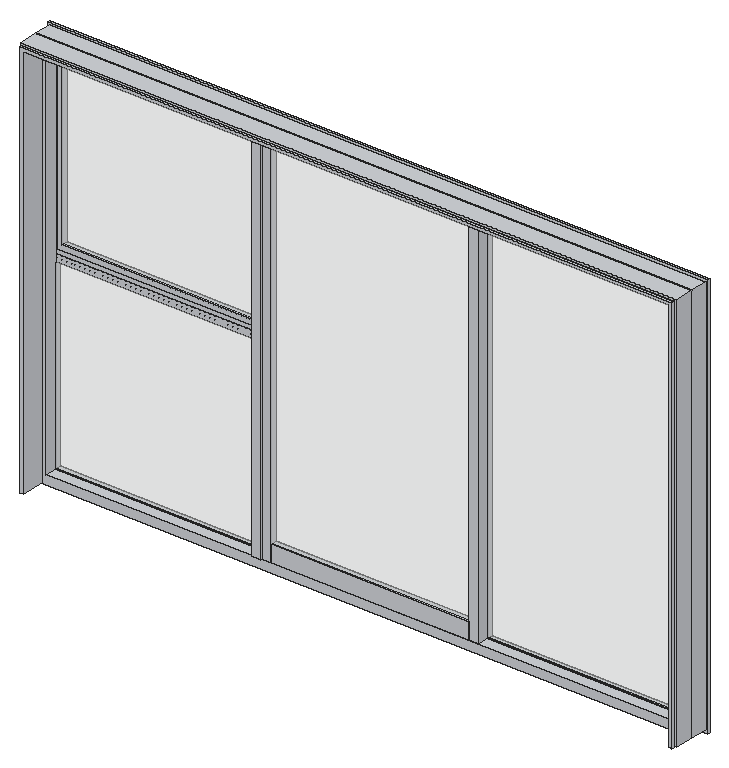
Revit family "APL Residential Thermal Heart Sliding Door FSF with Sidelight", category Doors, host Wall, Revit 2017 (continued)
Definition of nested family "APL Residential Thermal Heart Sliding Door FSF Vertical Section"
  Definition of nested family "Two Panel Sill"
    Definition of nested family "65470_Door Sill Rail"
      Lines and regions (mm)
        detail lines, in view "Ref. Level"
          curve 135: arc (17.002, 74.5, 0) -> (17.16, 74.578, 0) -> (17.196, 74.75, 0) r 0.2
          curve 136: arc (17.002, 78.753, 0) -> (17.028, 78.876, 0) -> (17.102, 78.977, 0) r 0.3
          curve 137: arc (17.102, 78.977, 0) -> (17.182, 79.307, 0) -> (16.902, 79.5, 0) r 0.3
          curve 138: arc (14.681, 78.957, 0) -> (14.592, 78.906, 0) -> (14.54, 78.816, 0) r 0.2
          curve 139: arc (14.495, 78.649, 0) -> (14.354, 78.507, 0) -> (14.161, 78.559, 0) r 0.2
          curve 140: arc (13.797, 78.923, 0) -> (13.737, 79.008, 0) -> (13.71, 79.109, 0) r 0.3
          curve 141: arc (13.503, 81.474, 0) -> (13.619, 81.738, 0) -> (13.905, 81.782, 0) r 0.3
          curve 142: arc (15.315, 81.269, 0) -> (15.441, 81.181, 0) -> (15.507, 81.044, 0) r 0.3
          curve 143: arc (15.507, 81.044, 0) -> (15.78, 80.801, 0) -> (16.085, 81, 0) r 0.3
          curve 144: arc (31.1, 81, 0) -> (31.414, 81.097, 0) -> (31.601, 81.367, 0) r 0.5
          curve 145: arc (32.601, 96.465, 0) -> (32.523, 96.623, 0) -> (32.349, 96.658, 0) r 0.2
          curve 146: arc (31.453, 96.417, 0) -> (31.279, 96.452, 0) -> (31.201, 96.611, 0) r 0.2
          curve 147: arc (20.155, 74.28, 0) -> (19.65, 74.922, 0) -> (19.29, 75.654, 0) r 3.9
          curve 148: arc (19.29, 75.654, 0) -> (19.067, 75.782, 0) -> (18.902, 75.585, 0) r 0.2
          curve 149: arc (18.902, 57.915, 0) -> (19.067, 57.718, 0) -> (19.29, 57.846, 0) r 0.2
          curve 150: arc (19.29, 57.846, 0) -> (19.65, 58.578, 0) -> (20.155, 59.22, 0) r 3.9
          curve 151: arc (20.155, 59.22, 0) -> (21.428, 59.237, 0) -> (21.445, 57.964, 0) r 0.9
          curve 152: arc (21.445, 57.964, 0) -> (20.85, 56.5, 0) -> (21.445, 55.035, 0) r 2.1
          curve 153: arc (21.445, 55.035, 0) -> (21.57, 54.873, 0) -> (21.656, 54.686, 0) r 0.9
          curve 154: arc (21.656, 54.686, 0) -> (21.753, 54.514, 0) -> (21.91, 54.393, 0) r 0.5
          curve 155: arc (21.91, 54.393, 0) -> (22.95, 54.15, 0) -> (23.99, 54.393, 0) r 2.35
          curve 156: arc (23.99, 54.393, 0) -> (24.147, 54.514, 0) -> (24.244, 54.686, 0) r 0.5
          curve 157: arc (24.244, 54.686, 0) -> (24.33, 54.873, 0) -> (24.455, 55.035, 0) r 0.9
          curve 158: arc (24.455, 55.035, 0) -> (25.05, 56.5, 0) -> (24.455, 57.964, 0) r 2.1
          curve 159: arc (24.455, 57.964, 0) -> (24.472, 59.237, 0) -> (25.745, 59.22, 0) r 0.9
          curve 160: arc (25.745, 59.22, 0) -> (26.799, 57.131, 0) -> (26.468, 54.816, 0) r 3.9
          curve 161: arc (26.468, 54.816, 0) -> (26.496, 54.333, 0) -> (26.919, 54.1, 0) r 0.5
          curve 162: arc (31.08, 54.1, 0) -> (31.402, 54.217, 0) -> (31.572, 54.514, 0) r 0.5
          curve 163: arc (31.572, 78.986, 0) -> (31.402, 79.283, 0) -> (31.08, 79.4, 0) r 0.5
          curve 164: line (31.636, 98.96, 0) -> (32.901, 98.96, 0)
          curve 165: line (32.901, 98.96, 0) -> (32.901, 99.797, 0)
          curve 166: line (33.101, 100, 0) -> (33.8, 100, 0)
          curve 167: line (34, 99.8, 0) -> (34, 0.5, 0)
          curve 168: line (33.5, 0, 0) -> (32.4, 0, 0)
          curve 169: line (32.2, 0.2, 0) -> (32.2, 28.3, 0)
          curve 170: line (32, 28.5, 0) -> (31.6, 28.5, 0)
          curve 171: line (31.4, 28.7, 0) -> (31.4, 29.8, 0)
          curve 172: line (31.6, 30, 0) -> (32, 30, 0)
          curve 173: line (32.2, 30.2, 0) -> (32.2, 44.8, 0)
          curve 174: line (32, 45, 0) -> (30.6, 45, 0)
          curve 175: line (30.4, 45.2, 0) -> (30.4, 46.3, 0)
          curve 176: line (30.6, 46.5, 0) -> (32, 46.5, 0)
          curve 177: line (32.2, 46.7, 0) -> (32.2, 49.89, 0)
          curve 178: line (32.182, 50.022, 0) -> (31.601, 52.133, 0)
          curve 179: line (31.119, 52.5, 0) -> (23.35, 52.5, 0)
          curve 180: line (23.35, 52.5, 0) -> (22.95, 52.9, 0)
          curve 181: line (22.95, 52.9, 0) -> (22.55, 52.5, 0)
          curve 182: line (22.55, 52.5, 0) -> (16.085, 52.5, 0)
          curve 183: line (15.315, 52.231, 0) -> (13.905, 51.718, 0)
          curve 184: line (13.503, 52.026, 0) -> (13.71, 54.392, 0)
          curve 185: line (13.797, 54.578, 0) -> (14.161, 54.941, 0)
          curve 186: line (14.495, 54.852, 0) -> (14.54, 54.684, 0)
          curve 187: line (14.681, 54.543, 0) -> (16.67, 54.01, 0)
          curve 188: line (17.002, 54.747, 0) -> (17.002, 57.975, 0)
          curve 189: line (17.002, 58, 0) -> (17.196, 58.75, 0)
          curve 190: line (17.002, 59, 0) -> (16.482, 59, 0)
          curve 191: line (16.325, 58.956, 0) -> (15.071, 58.191, 0)
          curve 192: line (14.502, 58.05, 0) -> (14.502, 60.196, 0)
          curve 193: line (14.598, 60.367, 0) -> (16.906, 61.776, 0)
          curve 194: line (17.002, 61.947, 0) -> (17.002, 71.553, 0)
          curve 195: line (16.906, 71.724, 0) -> (14.598, 73.133, 0)
          curve 196: line (14.502, 73.304, 0) -> (14.502, 75.45, 0)
          curve 197: line (15.071, 75.309, 0) -> (16.325, 74.544, 0)
          curve 198: line (16.481, 74.5, 0) -> (17.002, 74.5, 0)
          curve 199: line (17.196, 74.75, 0) -> (17.002, 75.5, 0)
          curve 200: line (17.002, 75.526, 0) -> (17.002, 78.753, 0)
          curve 201: line (16.67, 79.49, 0) -> (14.681, 78.957, 0)
          curve 202: line (14.54, 78.816, 0) -> (14.495, 78.649, 0)
          curve 203: line (14.161, 78.559, 0) -> (13.797, 78.923, 0)
          curve 204: line (13.71, 79.109, 0) -> (13.503, 81.474, 0)
          curve 205: line (13.905, 81.782, 0) -> (15.315, 81.269, 0)
          curve 206: line (16.085, 81, 0) -> (31.1, 81, 0)
          curve 207: line (31.601, 81.367, 0) -> (32.583, 84.935, 0)
          curve 208: line (32.601, 85.067, 0) -> (32.601, 96.465, 0)
          curve 209: line (32.349, 96.658, 0) -> (31.453, 96.417, 0)
          curve 210: line (31.201, 96.611, 0) -> (31.201, 97.442, 0)
          curve 211: line (31.201, 97.442, 0) -> (31.439, 98.795, 0)
          curve 212: line (18.902, 75.585, 0) -> (18.902, 57.915, 0)
          curve 213: line (26.919, 54.1, 0) -> (31.08, 54.1, 0)
          curve 214: line (31.572, 54.514, 0) -> (32.193, 58.057, 0)
          curve 215: line (32.2, 58.143, 0) -> (32.2, 75.357, 0)
          curve 216: line (32.193, 75.443, 0) -> (31.572, 78.986, 0)
          curve 217: line (31.08, 79.4, 0) -> (26.919, 79.4, 0)
          curve 218: arc (26.919, 79.4, 0) -> (26.496, 79.167, 0) -> (26.468, 78.684, 0) r 0.5
          curve 219: arc (26.468, 78.684, 0) -> (26.799, 76.369, 0) -> (25.745, 74.28, 0) r 3.9
          curve 220: arc (25.745, 74.28, 0) -> (24.472, 74.263, 0) -> (24.455, 75.536, 0) r 0.9
          curve 221: arc (24.455, 75.536, 0) -> (25.05, 77, 0) -> (24.455, 78.465, 0) r 2.1
          curve 222: arc (24.455, 78.465, 0) -> (24.33, 78.627, 0) -> (24.244, 78.814, 0) r 0.9
          curve 223: arc (24.244, 78.814, 0) -> (24.147, 78.987, 0) -> (23.99, 79.108, 0) r 0.5
          curve 224: arc (23.99, 79.108, 0) -> (22.95, 79.35, 0) -> (21.91, 79.108, 0) r 2.35
          curve 225: arc (21.91, 79.108, 0) -> (21.753, 78.987, 0) -> (21.656, 78.814, 0) r 0.5
          curve 226: arc (21.656, 78.814, 0) -> (21.57, 78.627, 0) -> (21.445, 78.465, 0) r 0.9
          curve 227: arc (21.445, 78.465, 0) -> (20.85, 77, 0) -> (21.445, 75.536, 0) r 2.1
          curve 228: arc (21.445, 75.536, 0) -> (21.428, 74.263, 0) -> (20.155, 74.28, 0) r 0.9
          curve 229: arc (2.202, 58.1, 0) -> (2.319, 58.383, 0) -> (2.602, 58.5, 0) r 0.4
          curve 230: arc (2.895, 58.5, 0) -> (2.998, 58.486, 0) -> (3.095, 58.446, 0) r 0.4
          curve 231: arc (4.623, 57.561, 0) -> (4.913, 57.441, 0) -> (5.224, 57.4, 0) r 1.2
          curve 232: arc (6.147, 57.4, 0) -> (6.72, 57.219, 0) -> (7.086, 56.742, 0) r 1
          curve 233: arc (7.879, 54.563, 0) -> (8.026, 54.372, 0) -> (8.255, 54.3, 0) r 0.4
          curve 234: arc (10.949, 54.3, 0) -> (11.178, 54.372, 0) -> (11.325, 54.563, 0) r 0.4
          curve 235: arc (12.118, 56.742, 0) -> (12.484, 57.219, 0) -> (13.057, 57.4, 0) r 1
          curve 236: arc (13.98, 57.4, 0) -> (14.291, 57.441, 0) -> (14.581, 57.561, 0) r 1.2
          curve 237: arc (16.109, 58.446, 0) -> (16.206, 58.486, 0) -> (16.309, 58.5, 0) r 0.4
          curve 238: arc (16.602, 58.5, 0) -> (16.885, 58.383, 0) -> (17.002, 58.1, 0) r 0.4
          curve 239: arc (17.002, 54.7, 0) -> (16.885, 54.417, 0) -> (16.602, 54.3, 0) r 0.4
          curve 240: arc (16.309, 54.3, 0) -> (16.206, 54.314, 0) -> (16.109, 54.354, 0) r 0.4
          curve 241: arc (14.581, 55.238, 0) -> (14.287, 55.36, 0) -> (13.972, 55.4, 0) r 1.2
          curve 242: arc (13.972, 55.4, 0) -> (13.797, 55.347, 0) -> (13.686, 55.203, 0) r 0.3
          curve 243: arc (12.798, 52.763, 0) -> (12.651, 52.572, 0) -> (12.422, 52.5, 0) r 0.4
          curve 244: arc (6.782, 52.5, 0) -> (6.553, 52.572, 0) -> (6.406, 52.763, 0) r 0.4
          curve 245: arc (5.518, 55.203, 0) -> (5.407, 55.347, 0) -> (5.232, 55.4, 0) r 0.3
          curve 246: arc (5.232, 55.4, 0) -> (4.917, 55.36, 0) -> (4.623, 55.238, 0) r 1.2
          curve 247: arc (3.095, 54.354, 0) -> (2.998, 54.314, 0) -> (2.895, 54.3, 0) r 0.4
          curve 248: arc (2.602, 54.3, 0) -> (2.319, 54.417, 0) -> (2.202, 54.7, 0) r 0.4
          curve 249: line (2.602, 58.5, 0) -> (2.895, 58.5, 0)
          curve 250: line (3.095, 58.446, 0) -> (4.623, 57.561, 0)
          curve 251: line (5.224, 57.4, 0) -> (6.147, 57.4, 0)
          curve 252: line (7.086, 56.742, 0) -> (7.879, 54.563, 0)
          curve 253: line (8.255, 54.3, 0) -> (10.949, 54.3, 0)
          curve 254: line (11.325, 54.563, 0) -> (12.118, 56.742, 0)
          curve 255: line (13.057, 57.4, 0) -> (13.98, 57.4, 0)
          curve 256: line (14.581, 57.561, 0) -> (16.109, 58.446, 0)
          curve 257: line (16.309, 58.5, 0) -> (16.602, 58.5, 0)
          curve 258: line (17.002, 58.1, 0) -> (17.002, 54.7, 0)
          curve 259: line (16.602, 54.3, 0) -> (16.309, 54.3, 0)
          curve 260: line (16.109, 54.354, 0) -> (14.581, 55.238, 0)
          curve 261: line (13.686, 55.203, 0) -> (12.798, 52.763, 0)
          curve 262: line (12.422, 52.5, 0) -> (6.782, 52.5, 0)
          curve 263: line (6.406, 52.763, 0) -> (5.518, 55.203, 0)
          curve 264: line (4.623, 55.238, 0) -> (3.095, 54.354, 0)
          curve 265: line (2.895, 54.3, 0) -> (2.602, 54.3, 0)
          curve 266: line (2.202, 54.7, 0) -> (2.202, 58.1, 0)
          curve 267: arc (2.202, 75.4, 0) -> (2.319, 75.117, 0) -> (2.602, 75, 0) r 0.4
          curve 268: arc (2.895, 75, 0) -> (2.998, 75.014, 0) -> (3.095, 75.054, 0) r 0.4
          curve 269: arc (4.623, 75.939, 0) -> (4.913, 76.059, 0) -> (5.224, 76.1, 0) r 1.2
          curve 270: arc (6.147, 76.1, 0) -> (6.72, 76.281, 0) -> (7.086, 76.758, 0) r 1
          curve 271: arc (7.879, 78.937, 0) -> (8.026, 79.128, 0) -> (8.255, 79.2, 0) r 0.4
          curve 272: arc (10.949, 79.2, 0) -> (11.178, 79.128, 0) -> (11.325, 78.937, 0) r 0.4
          curve 273: arc (12.118, 76.758, 0) -> (12.484, 76.281, 0) -> (13.057, 76.1, 0) r 1
          curve 274: arc (13.98, 76.1, 0) -> (14.291, 76.059, 0) -> (14.581, 75.939, 0) r 1.2
          curve 275: arc (16.109, 75.054, 0) -> (16.206, 75.014, 0) -> (16.309, 75, 0) r 0.4
          curve 276: arc (16.602, 75, 0) -> (16.885, 75.117, 0) -> (17.002, 75.4, 0) r 0.4
          curve 277: arc (17.002, 78.8, 0) -> (16.885, 79.083, 0) -> (16.602, 79.2, 0) r 0.4
          curve 278: arc (16.309, 79.2, 0) -> (16.206, 79.187, 0) -> (16.109, 79.147, 0) r 0.4
          curve 279: arc (14.581, 78.262, 0) -> (14.287, 78.14, 0) -> (13.972, 78.1, 0) r 1.2
          curve 280: arc (13.972, 78.1, 0) -> (13.797, 78.153, 0) -> (13.686, 78.298, 0) r 0.3
          curve 281: arc (12.798, 80.737, 0) -> (12.651, 80.928, 0) -> (12.422, 81, 0) r 0.4
          curve 282: arc (6.782, 81, 0) -> (6.553, 80.928, 0) -> (6.406, 80.737, 0) r 0.4
          curve 283: arc (5.518, 78.298, 0) -> (5.407, 78.153, 0) -> (5.232, 78.1, 0) r 0.3
          curve 284: arc (5.232, 78.1, 0) -> (4.917, 78.14, 0) -> (4.623, 78.262, 0) r 1.2
          curve 285: arc (3.095, 79.147, 0) -> (2.998, 79.187, 0) -> (2.895, 79.2, 0) r 0.4
          curve 286: arc (2.602, 79.2, 0) -> (2.319, 79.083, 0) -> (2.202, 78.8, 0) r 0.4
          curve 287: line (2.602, 75, 0) -> (2.895, 75, 0)
          curve 288: line (3.095, 75.054, 0) -> (4.623, 75.939, 0)
          curve 289: line (5.224, 76.1, 0) -> (6.147, 76.1, 0)
          curve 290: line (7.086, 76.758, 0) -> (7.879, 78.937, 0)
          curve 291: line (8.255, 79.2, 0) -> (10.949, 79.2, 0)
          curve 292: line (11.325, 78.937, 0) -> (12.118, 76.758, 0)
          curve 293: line (13.057, 76.1, 0) -> (13.98, 76.1, 0)
          curve 294: line (14.581, 75.939, 0) -> (16.109, 75.054, 0)
          curve 295: line (16.309, 75, 0) -> (16.602, 75, 0)
          curve 296: line (17.002, 75.4, 0) -> (17.002, 78.8, 0)
          curve 297: line (16.602, 79.2, 0) -> (16.309, 79.2, 0)
          curve 298: line (16.109, 79.147, 0) -> (14.581, 78.262, 0)
          curve 299: line (13.686, 78.298, 0) -> (12.798, 80.737, 0)
          curve 300: line (12.422, 81, 0) -> (6.782, 81, 0)
          curve 301: line (6.406, 80.737, 0) -> (5.518, 78.298, 0)
          curve 302: line (4.623, 78.262, 0) -> (3.095, 79.147, 0)
          curve 303: line (2.895, 79.2, 0) -> (2.602, 79.2, 0)
          curve 304: line (2.202, 78.8, 0) -> (2.202, 75.4, 0)
      Text (mm)
        text "65470" at (43.128, 87.494, 0), in view "Ref. Level"
    Definition of nested family "65380_Frame Sill"
      Reference planes
        plane 1 "Center (Front/Back)": y = 0
        plane 2: z = 0
        plane 3 "Center (Left/Right)": x = 0
      Lines and regions (mm)
        detail lines, in view "Ref. Level"
          curve 1: line (64.2, 16.468, 0) -> (65.701, 16.468, 0)
          curve 2: line (64.2, 22.468, 0) -> (65.7, 22.468, 0)
          curve 3: line (27.5, 8.7, 0) -> (29.442, 8.7, 0)
          curve 4: line (27.5, 14.7, 0) -> (29.4, 14.7, 0)
          curve 5: line (13.3, 8.6, 0) -> (15.2, 8.6, 0)
          curve 6: line (13.3, 14.6, 0) -> (15.2, 14.6, 0)
          curve 7: arc (10.8, 6.498, 0) -> (11.356, 7.843, 0) -> (12.7, 8.4, 0) r 1.9
          curve 8: arc (13.1, 8.4, 0) -> (13.241, 8.459, 0) -> (13.3, 8.6, 0) r 0.2
          curve 9: arc (13.3, 15.4, 0) -> (13.241, 15.542, 0) -> (13.1, 15.6, 0) r 0.2
          curve 10: arc (11, 15.6, 0) -> (10.859, 15.659, 0) -> (10.8, 15.8, 0) r 0.2
          curve 11: arc (10.8, 16.283, 0) -> (10.741, 16.425, 0) -> (10.6, 16.483, 0) r 0.2
          curve 12: arc (1.9, 16.483, 0) -> (1.546, 16.337, 0) -> (1.4, 15.983, 0) r 0.5
          curve 13: arc (1.4, 2.245, 0) -> (1.521, 1.632, 0) -> (1.869, 1.111, 0) r 1.6
          curve 14: arc (6.387, -3.407, 0) -> (6.711, -3.624, 0) -> (7.094, -3.7, 0) r 1
          curve 15: arc (9.8, -3.7, 0) -> (10.507, -3.407, 0) -> (10.8, -2.7, 0) r 1
          curve 16: arc (1.665, 23.622, 0) -> (1.729, 23.522, 0) -> (1.725, 23.403, 0) r 0.2
          curve 17: arc (1.725, 23.403, 0) -> (1.621, 23.234, 0) -> (1.453, 23.127, 0) r 0.45
          curve 18: arc (1.453, 23.127, 0) -> (1.357, 23.053, 0) -> (1.322, 22.936, 0) r 0.2
          curve 19: arc (1.379, 18.081, 0) -> (1.438, 17.941, 0) -> (1.579, 17.883, 0) r 0.2
          curve 20: arc (10.6, 17.883, 0) -> (10.741, 17.942, 0) -> (10.8, 18.083, 0) r 0.2
          curve 21: arc (10.8, 22.172, 0) -> (10.773, 22.272, 0) -> (10.7, 22.346, 0) r 0.2
          curve 22: arc (9.6, 22.981, 0) -> (9.38, 23.2, 0) -> (9.3, 23.5, 0) r 0.6
          curve 23: arc (9.3, 23.8, 0) -> (9.359, 23.942, 0) -> (9.5, 24, 0) r 0.2
          curve 24: arc (13.617, 24, 0) -> (13.922, 23.801, 0) -> (14.195, 24.043, 0) r 0.3
          curve 25: arc (14.195, 24.043, 0) -> (14.261, 24.181, 0) -> (14.387, 24.269, 0) r 0.3
          curve 26: arc (15.797, 24.782, 0) -> (16.083, 24.738, 0) -> (16.199, 24.474, 0) r 0.3
          curve 27: arc (15.992, 22.109, 0) -> (15.965, 22.008, 0) -> (15.905, 21.923, 0) r 0.3
          curve 28: arc (15.541, 21.559, 0) -> (15.348, 21.507, 0) -> (15.207, 21.648, 0) r 0.2
          curve 29: arc (15.162, 21.816, 0) -> (15.11, 21.905, 0) -> (15.021, 21.957, 0) r 0.2
          curve 30: arc (12.8, 22.5, 0) -> (12.52, 22.307, 0) -> (12.6, 21.977, 0) r 0.3
          curve 31: arc (12.6, 21.977, 0) -> (12.674, 21.875, 0) -> (12.7, 21.753, 0) r 0.3
          curve 32: arc (12.506, 17.75, 0) -> (12.542, 17.578, 0) -> (12.7, 17.5, 0) r 0.2
          curve 33: arc (13.221, 17.5, 0) -> (13.302, 17.511, 0) -> (13.377, 17.544, 0) r 0.3
          curve 34: arc (14.631, 18.309, 0) -> (14.628, 18.479, 0) -> (14.734, 18.611, 0) r 0.25
          curve 35: arc (14.82, 18.664, 0) -> (15.072, 18.668, 0) -> (15.2, 18.45, 0) r 0.25
          curve 36: arc (15.2, 8.6, 0) -> (15.259, 8.459, 0) -> (15.4, 8.4, 0) r 0.2
          curve 37: arc (16.479, 8.4, 0) -> (16.643, 8.315, 0) -> (16.667, 8.132, 0) r 0.2
          curve 38: arc (15.775, 5.682, 0) -> (15.702, 5.586, 0) -> (15.587, 5.55, 0) r 0.2
          curve 39: arc (15.353, 5.55, 0) -> (15.248, 5.52, 0) -> (15.174, 5.439, 0) r 0.2
          curve 40: arc (15.174, 5.439, 0) -> (15.019, 5.31, 0) -> (14.82, 5.337, 0) r 0.25
          curve 41: arc (14.734, 5.389, 0) -> (14.628, 5.521, 0) -> (14.631, 5.691, 0) r 0.25
          curve 42: arc (13.377, 6.456, 0) -> (13.302, 6.489, 0) -> (13.221, 6.5, 0) r 0.3
          curve 43: arc (12.7, 6.5, 0) -> (12.542, 6.423, 0) -> (12.506, 6.25, 0) r 0.2
          curve 44: arc (12.7, 2.247, 0) -> (12.674, 2.125, 0) -> (12.6, 2.024, 0) r 0.3
          curve 45: arc (12.6, 2.024, 0) -> (12.52, 1.693, 0) -> (12.8, 1.5, 0) r 0.3
          curve 46: arc (15.021, 2.043, 0) -> (15.11, 2.095, 0) -> (15.162, 2.185, 0) r 0.2
          curve 47: arc (15.207, 2.352, 0) -> (15.348, 2.493, 0) -> (15.541, 2.442, 0) r 0.2
          curve 48: arc (15.905, 2.078, 0) -> (15.965, 1.993, 0) -> (15.992, 1.892, 0) r 0.3
          curve 49: arc (16.199, -0.474, 0) -> (16.083, -0.738, 0) -> (15.797, -0.782, 0) r 0.3
          curve 50: arc (14.387, -0.268, 0) -> (14.261, -0.181, 0) -> (14.195, -0.043, 0) r 0.3
          curve 51: arc (14.195, -0.043, 0) -> (13.922, 0.199, 0) -> (13.617, 0, 0) r 0.3
          curve 52: arc (12.6, 0, 0) -> (12.459, -0.058, 0) -> (12.4, -0.2, 0) r 0.2
          curve 53: arc (12.4, -2.696, 0) -> (11.64, -4.537, 0) -> (9.8, -5.3, 0) r 2.6
          curve 54: arc (7.9, -5.3, 0) -> (7.547, -5.446, 0) -> (7.4, -5.8, 0) r 0.5
          curve 55: arc (7.4, -13.402, 0) -> (7.508, -13.581, 0) -> (7.716, -13.566, 0) r 0.2
          curve 56: arc (7.716, -13.566, 0) -> (8.721, -13.692, 0) -> (8.684, -14.705, 0) r 0.75
          curve 57: arc (8.684, -14.705, 0) -> (8.15, -16.005, 0) -> (8.684, -17.305, 0) r 1.85
          curve 58: arc (8.684, -17.305, 0) -> (8.794, -17.447, 0) -> (8.867, -17.611, 0) r 0.75
          curve 59: arc (8.867, -17.611, 0) -> (8.97, -17.795, 0) -> (9.14, -17.921, 0) r 0.5
          curve 60: arc (9.14, -17.921, 0) -> (10, -18.105, 0) -> (10.86, -17.921, 0) r 2.1
          curve 61: arc (10.86, -17.921, 0) -> (11.03, -17.795, 0) -> (11.133, -17.611, 0) r 0.5
          curve 62: arc (11.133, -17.611, 0) -> (11.206, -17.447, 0) -> (11.316, -17.305, 0) r 0.75
          curve 63: arc (11.316, -17.305, 0) -> (11.85, -16.005, 0) -> (11.316, -14.705, 0) r 1.85
          curve 64: arc (11.316, -14.705, 0) -> (11.323, -13.644, 0) -> (12.384, -13.651, 0) r 0.75
          curve 65: arc (12.384, -13.651, 0) -> (13.348, -15.881, 0) -> (12.551, -18.176, 0) r 3.35
          curve 66: arc (12.551, -18.176, 0) -> (12.478, -18.71, 0) -> (12.932, -19, 0) r 0.5
          curve 67: arc (13.15, -19, 0) -> (13.291, -19.058, 0) -> (13.35, -19.2, 0) r 0.2
          curve 68: arc (13.35, -19.5, 0) -> (13.204, -19.853, 0) -> (12.85, -20, 0) r 0.5
          curve 69: arc (7, -20, 0) -> (6.293, -19.707, 0) -> (6, -19, 0) r 1
          curve 70: arc (6, -6.242, 0) -> (5.772, -5.094, 0) -> (5.121, -4.121, 0) r 3
          curve 71: arc (0.879, 0.122, 0) -> (0.228, 1.095, 0) -> (0, 2.243, 0) r 3
          curve 72: arc (0, 23.8, 0) -> (0.059, 23.942, 0) -> (0.2, 24, 0) r 0.2
          curve 73: line (10.8, -2.7, 0) -> (10.8, 6.498, 0)
          curve 74: line (12.7, 8.4, 0) -> (13.1, 8.4, 0)
          curve 75: line (13.1, 15.6, 0) -> (11, 15.6, 0)
          curve 76: line (10.8, 15.8, 0) -> (10.8, 16.283, 0)
          curve 77: line (10.6, 16.483, 0) -> (1.9, 16.483, 0)
          curve 78: line (1.4, 15.983, 0) -> (1.4, 2.245, 0)
          curve 79: line (1.869, 1.111, 0) -> (6.387, -3.407, 0)
          curve 80: line (7.094, -3.7, 0) -> (9.8, -3.7, 0)
          curve 81: line (1.322, 22.936, 0) -> (1.379, 18.081, 0)
          curve 82: line (1.579, 17.883, 0) -> (10.6, 17.883, 0)
          curve 83: line (10.8, 18.083, 0) -> (10.8, 22.172, 0)
          curve 84: line (10.7, 22.346, 0) -> (9.6, 22.981, 0)
          curve 85: line (9.3, 23.5, 0) -> (9.3, 23.8, 0)
          curve 86: line (9.5, 24, 0) -> (13.617, 24, 0)
          curve 87: line (14.387, 24.269, 0) -> (15.797, 24.782, 0)
          curve 88: line (16.199, 24.474, 0) -> (15.992, 22.109, 0)
          curve 89: line (15.905, 21.923, 0) -> (15.541, 21.559, 0)
          curve 90: line (15.207, 21.648, 0) -> (15.162, 21.816, 0)
          curve 91: line (15.021, 21.957, 0) -> (13.032, 22.49, 0)
          curve 92: line (12.7, 21.753, 0) -> (12.7, 18.526, 0)
          curve 93: line (12.7, 18.5, 0) -> (12.506, 17.75, 0)
          curve 94: line (12.7, 17.5, 0) -> (13.221, 17.5, 0)
          curve 95: line (13.377, 17.544, 0) -> (14.631, 18.309, 0)
          curve 96: line (15.2, 18.45, 0) -> (15.2, 16.875, 0)
          curve 97: line (15.2, 16.875, 0) -> (15.2, 8.6, 0)
          curve 98: line (15.2, 8.6, 0) -> (13.3, 8.6, 0)
          curve 99: line (13.3, 8.6, 0) -> (13.3, 15.4, 0)
          curve 100: line (15.4, 8.4, 0) -> (16.479, 8.4, 0)
          curve 101: line (16.667, 8.132, 0) -> (15.775, 5.682, 0)
          curve 102: line (15.587, 5.55, 0) -> (15.353, 5.55, 0)
          curve 103: line (14.631, 5.691, 0) -> (13.377, 6.456, 0)
          curve 104: line (13.221, 6.5, 0) -> (12.7, 6.5, 0)
          curve 105: line (12.506, 6.25, 0) -> (12.7, 5.5, 0)
          curve 106: line (12.7, 5.475, 0) -> (12.7, 2.247, 0)
          curve 107: line (13.032, 1.51, 0) -> (15.021, 2.043, 0)
          curve 108: line (15.162, 2.185, 0) -> (15.207, 2.352, 0)
          curve 109: line (15.541, 2.442, 0) -> (15.905, 2.078, 0)
          curve 110: line (15.992, 1.892, 0) -> (16.199, -0.474, 0)
          curve 111: line (15.797, -0.782, 0) -> (14.387, -0.268, 0)
          curve 112: line (13.617, 0, 0) -> (12.6, 0, 0)
          curve 113: line (12.4, -0.2, 0) -> (12.4, -2.696, 0)
          curve 114: line (9.8, -5.3, 0) -> (7.9, -5.3, 0)
          curve 115: line (7.4, -5.8, 0) -> (7.4, -13.402, 0)
          curve 116: line (12.932, -19, 0) -> (13.15, -19, 0)
          curve 117: line (13.35, -19.2, 0) -> (13.35, -19.5, 0)
          curve 118: line (12.85, -20, 0) -> (7, -20, 0)
          curve 119: line (6, -19, 0) -> (6, -6.242, 0)
          curve 120: line (5.121, -4.121, 0) -> (0.879, 0.122, 0)
          curve 121: line (0, 2.243, 0) -> (0, 23.8, 0)
          curve 122: line (0.2, 24, 0) -> (1.141, 24, 0)
          curve 123: line (1.269, 23.953, 0) -> (1.665, 23.622, 0)
          curve 124: line (13.3, 14.6, 0) -> (15.2, 14.6, 0)
          curve 125: arc (64.2, 16.468, 0) -> (64.076, 16.138, 0) -> (63.765, 15.972, 0) r 0.5
          curve 126: arc (63.765, 15.972, 0) -> (62.349, 15.442, 0) -> (61.309, 14.343, 0) r 3.35
          curve 127: arc (61.309, 14.343, 0) -> (61.577, 13.317, 0) -> (62.604, 13.585, 0) r 0.75
          curve 128: arc (62.604, 13.585, 0) -> (63.721, 14.437, 0) -> (65.115, 14.258, 0) r 1.85
          curve 129: arc (65.115, 14.258, 0) -> (65.281, 14.189, 0) -> (65.459, 14.161, 0) r 0.75
          curve 130: arc (65.459, 14.161, 0) -> (65.663, 14.108, 0) -> (65.828, 13.977, 0) r 0.5
          curve 131: arc (65.828, 13.977, 0) -> (66.3, 12.65, 0) -> (65.828, 11.324, 0) r 2.1
          curve 132: arc (65.828, 11.324, 0) -> (65.663, 11.192, 0) -> (65.459, 11.14, 0) r 0.5
          curve 133: arc (65.459, 11.14, 0) -> (65.281, 11.112, 0) -> (65.115, 11.042, 0) r 0.75
          curve 134: arc (65.115, 11.042, 0) -> (64.2, 10.8, 0) -> (63.285, 11.042, 0) r 1.85
          curve 135: arc (63.285, 11.042, 0) -> (62.738, 11.119, 0) -> (62.286, 10.8, 0) r 0.75
          curve 136: arc (39.189, 9.622, 0) -> (38.199, 9.316, 0) -> (37.363, 8.704, 0) r 3.126
          curve 137: arc (37.363, 8.704, 0) -> (37.013, 8.479, 0) -> (36.605, 8.4, 0) r 1.1
          curve 138: arc (29.901, 8.4, 0) -> (29.547, 8.546, 0) -> (29.4, 8.9, 0) r 0.5
          curve 139: arc (29.4, 22, 0) -> (29.546, 22.354, 0) -> (29.9, 22.5, 0) r 0.5
          curve 140: arc (44.4, 22.5, 0) -> (45.602, 22.998, 0) -> (46.1, 24.2, 0) r 1.7
          curve 141: arc (46.147, 35.534, 0) -> (46.409, 35.986, 0) -> (46.5, 36.5, 0) r 1.5
          curve 142: arc (46.5, 41.1, 0) -> (46.646, 41.454, 0) -> (47, 41.6, 0) r 0.5
          curve 143: arc (65.699, 41.6, 0) -> (66.053, 41.454, 0) -> (66.2, 41.1, 0) r 0.5
          curve 144: arc (66.2, 32, 0) -> (65.978, 30.526, 0) -> (65.33, 29.183, 0) r 5
          curve 145: arc (65.33, 29.183, 0) -> (64.489, 27.436, 0) -> (64.2, 25.519, 0) r 6.5
          curve 146: arc (27.317, 8.501, 0) -> (27.447, 8.565, 0) -> (27.5, 8.7, 0) r 0.2
          curve 147: arc (23.754, 8.189, 0) -> (23.602, 8.097, 0) -> (23.583, 7.922, 0) r 0.2
          curve 148: arc (24.399, 5.679, 0) -> (24.668, 5.392, 0) -> (25.06, 5.388, 0) r 0.5
          curve 149: arc (25.06, 5.388, 0) -> (25.211, 5.303, 0) -> (25.38, 5.337, 0) r 0.25
          curve 150: arc (25.466, 5.389, 0) -> (25.572, 5.521, 0) -> (25.569, 5.691, 0) r 0.25
          curve 151: arc (26.823, 6.456, 0) -> (26.898, 6.489, 0) -> (26.979, 6.5, 0) r 0.3
          curve 152: arc (27.5, 6.5, 0) -> (27.658, 6.423, 0) -> (27.694, 6.25, 0) r 0.2
          curve 153: arc (27.5, 2.247, 0) -> (27.526, 2.125, 0) -> (27.6, 2.024, 0) r 0.3
          curve 154: arc (27.6, 2.024, 0) -> (27.68, 1.693, 0) -> (27.4, 1.5, 0) r 0.3
          curve 155: arc (25.179, 2.043, 0) -> (25.09, 2.095, 0) -> (25.038, 2.185, 0) r 0.2
          curve 156: arc (24.993, 2.352, 0) -> (24.852, 2.493, 0) -> (24.659, 2.442, 0) r 0.2
          curve 157: arc (24.295, 2.078, 0) -> (24.235, 1.993, 0) -> (24.208, 1.892, 0) r 0.3
          curve 158: arc (24.001, -0.474, 0) -> (24.117, -0.738, 0) -> (24.403, -0.782, 0) r 0.3
          curve 159: arc (25.813, -0.268, 0) -> (25.939, -0.181, 0) -> (26.005, -0.043, 0) r 0.3
          curve 160: arc (26.005, -0.043, 0) -> (26.278, 0.199, 0) -> (26.583, 0, 0) r 0.3
          curve 161: arc (28.9, 0, 0) -> (29.254, 0.147, 0) -> (29.4, 0.5, 0) r 0.5
          curve 162: arc (29.4, 6.1, 0) -> (29.546, 6.454, 0) -> (29.9, 6.6, 0) r 0.499
          curve 163: arc (37.767, 6.6, 0) -> (38.931, 6.835, 0) -> (39.913, 7.503, 0) r 2.996
          curve 164: arc (39.913, 7.503, 0) -> (40.232, 7.731, 0) -> (40.611, 7.831, 0) r 1.1
          curve 165: arc (68.1, 8.9, 0) -> (68.241, 8.842, 0) -> (68.3, 8.7, 0) r 0.2
          curve 166: arc (68.3, 0.5, 0) -> (68.446, 0.147, 0) -> (68.8, 0, 0) r 0.5
          curve 167: arc (71.117, 0, 0) -> (71.422, 0.199, 0) -> (71.695, -0.043, 0) r 0.3
          curve 168: arc (71.695, -0.043, 0) -> (71.761, -0.181, 0) -> (71.887, -0.268, 0) r 0.3
          curve 169: arc (73.297, -0.782, 0) -> (73.583, -0.738, 0) -> (73.699, -0.474, 0) r 0.3
          curve 170: arc (73.492, 1.892, 0) -> (73.465, 1.993, 0) -> (73.405, 2.078, 0) r 0.3
          curve 171: arc (73.041, 2.442, 0) -> (72.848, 2.493, 0) -> (72.707, 2.352, 0) r 0.2
          curve 172: arc (72.662, 2.185, 0) -> (72.61, 2.095, 0) -> (72.521, 2.043, 0) r 0.2
          curve 173: arc (70.3, 1.5, 0) -> (70.02, 1.693, 0) -> (70.1, 2.024, 0) r 0.3
          curve 174: arc (70.1, 2.024, 0) -> (70.174, 2.125, 0) -> (70.2, 2.247, 0) r 0.3
          curve 175: arc (70.006, 6.25, 0) -> (70.042, 6.423, 0) -> (70.2, 6.5, 0) r 0.2
          curve 176: arc (70.721, 6.5, 0) -> (70.802, 6.489, 0) -> (70.877, 6.456, 0) r 0.3
          curve 177: arc (72.131, 5.691, 0) -> (72.128, 5.521, 0) -> (72.234, 5.389, 0) r 0.25
          curve 178: arc (72.32, 5.337, 0) -> (72.572, 5.332, 0) -> (72.7, 5.55, 0) r 0.25
          curve 179: arc (72.7, 7.124, 0) -> (72.618, 7.522, 0) -> (72.385, 7.854, 0) r 1
          curve 180: arc (72.385, 7.854, 0) -> (72.322, 8, 0) -> (72.385, 8.146, 0) r 0.2
          curve 181: arc (72.385, 8.146, 0) -> (72.618, 8.478, 0) -> (72.7, 8.875, 0) r 1
          curve 182: arc (72.7, 10.449, 0) -> (72.573, 10.668, 0) -> (72.32, 10.664, 0) r 0.25
          curve 183: arc (72.234, 10.612, 0) -> (72.128, 10.479, 0) -> (72.131, 10.309, 0) r 0.25
          curve 184: arc (70.877, 9.544, 0) -> (70.802, 9.511, 0) -> (70.721, 9.5, 0) r 0.3
          curve 185: arc (70.2, 9.5, 0) -> (70.042, 9.578, 0) -> (70.006, 9.75, 0) r 0.2
          curve 186: arc (70.2, 13.754, 0) -> (70.174, 13.876, 0) -> (70.1, 13.977, 0) r 0.3
          curve 187: arc (70.1, 13.977, 0) -> (70.02, 14.307, 0) -> (70.3, 14.5, 0) r 0.3
          curve 188: arc (72.521, 13.957, 0) -> (72.61, 13.905, 0) -> (72.662, 13.816, 0) r 0.2
          curve 189: arc (72.707, 13.648, 0) -> (72.848, 13.507, 0) -> (73.041, 13.559, 0) r 0.2
          curve 190: arc (73.405, 13.923, 0) -> (73.465, 14.008, 0) -> (73.492, 14.109, 0) r 0.3
          curve 191: arc (73.699, 16.474, 0) -> (73.583, 16.738, 0) -> (73.297, 16.782, 0) r 0.3
          curve 192: arc (71.887, 16.269, 0) -> (71.761, 16.181, 0) -> (71.695, 16.043, 0) r 0.3
          curve 193: arc (71.695, 16.043, 0) -> (71.422, 15.801, 0) -> (71.117, 16, 0) r 0.3
          curve 194: arc (66.201, 16, 0) -> (65.847, 16.146, 0) -> (65.7, 16.5, 0) r 0.5
          curve 195: arc (65.7, 25.519, 0) -> (65.922, 26.994, 0) -> (66.57, 28.337, 0) r 5
          curve 196: arc (66.57, 28.337, 0) -> (67.411, 30.083, 0) -> (67.7, 32, 0) r 6.5
          curve 197: arc (67.7, 33.1, 0) -> (67.759, 33.242, 0) -> (67.9, 33.3, 0) r 0.2
          curve 198: arc (69.3, 33.3, 0) -> (69.441, 33.242, 0) -> (69.5, 33.1, 0) r 0.2
          curve 199: arc (69.5, 32.8, 0) -> (70, 32.299, 0) -> (70.5, 32.8, 0) r 0.5
          curve 200: arc (70.5, 35.351, 0) -> (69.999, 35.85, 0) -> (69.5, 35.35, 0) r 0.5
          curve 201: arc (69.5, 34.5, 0) -> (69.441, 34.359, 0) -> (69.3, 34.3, 0) r 0.2
          curve 202: arc (67.9, 34.3, 0) -> (67.759, 34.359, 0) -> (67.7, 34.5, 0) r 0.2
          curve 203: arc (67.7, 41.8, 0) -> (67.759, 41.942, 0) -> (67.9, 42, 0) r 0.2
          curve 204: arc (69.3, 42, 0) -> (69.441, 41.942, 0) -> (69.5, 41.8, 0) r 0.2
          curve 205: arc (69.5, 40.95, 0) -> (70, 40.449, 0) -> (70.5, 40.95, 0) r 0.5
          curve 206: arc (70.5, 42.499, 0) -> (70.354, 42.853, 0) -> (70, 43, 0) r 0.5
          curve 207: arc (42.7, 43, 0) -> (42.559, 42.942, 0) -> (42.5, 42.8, 0) r 0.2
          curve 208: arc (42.5, 41.25, 0) -> (43, 40.75, 0) -> (43.5, 41.25, 0) r 0.5
          curve 209: arc (43.5, 41.8, 0) -> (43.559, 41.942, 0) -> (43.7, 42, 0) r 0.2
          curve 210: arc (44.8, 42, 0) -> (44.941, 41.942, 0) -> (45, 41.8, 0) r 0.2
          curve 211: arc (45, 36.7, 0) -> (44.941, 36.559, 0) -> (44.8, 36.5, 0) r 0.2
          curve 212: arc (43.7, 36.5, 0) -> (43.559, 36.559, 0) -> (43.5, 36.7, 0) r 0.2
          curve 213: arc (43.5, 37.25, 0) -> (43, 37.749, 0) -> (42.5, 37.25, 0) r 0.5
          curve 214: arc (42.5, 36.5, 0) -> (42.793, 35.793, 0) -> (43.5, 35.5, 0) r 1
          curve 215: arc (44.395, 35.5, 0) -> (44.539, 35.443, 0) -> (44.6, 35.3, 0) r 0.202
          curve 216: arc (44.6, 24.2, 0) -> (44.538, 24.058, 0) -> (44.395, 24, 0) r 0.205
          curve 217: arc (26.583, 24, 0) -> (26.278, 23.801, 0) -> (26.005, 24.043, 0) r 0.3
          curve 218: arc (26.005, 24.043, 0) -> (25.939, 24.181, 0) -> (25.813, 24.269, 0) r 0.3
          curve 219: arc (24.403, 24.782, 0) -> (24.117, 24.738, 0) -> (24.001, 24.474, 0) r 0.3
          curve 220: arc (24.208, 22.109, 0) -> (24.235, 22.008, 0) -> (24.295, 21.923, 0) r 0.3
          curve 221: arc (24.659, 21.559, 0) -> (24.852, 21.507, 0) -> (24.993, 21.648, 0) r 0.2
          curve 222: arc (25.038, 21.816, 0) -> (25.09, 21.905, 0) -> (25.179, 21.957, 0) r 0.2
          curve 223: arc (27.4, 22.5, 0) -> (27.68, 22.307, 0) -> (27.6, 21.977, 0) r 0.3
          curve 224: arc (27.6, 21.977, 0) -> (27.526, 21.875, 0) -> (27.5, 21.753, 0) r 0.3
          curve 225: arc (27.694, 17.75, 0) -> (27.658, 17.578, 0) -> (27.5, 17.5, 0) r 0.2
          curve 226: arc (26.979, 17.5, 0) -> (26.898, 17.511, 0) -> (26.823, 17.544, 0) r 0.3
          curve 227: arc (25.569, 18.309, 0) -> (25.572, 18.479, 0) -> (25.466, 18.612, 0) r 0.25
          curve 228: arc (25.38, 18.664, 0) -> (25.128, 18.668, 0) -> (25, 18.45, 0) r 0.25
          curve 229: arc (25, 16.875, 0) -> (25.128, 16.385, 0) -> (25.479, 16.021, 0) r 1
          curve 230: line (64.2, 22.468, 0) -> (65.7, 22.468, 0)
          curve 231: line (62.286, 10.8, 0) -> (53.629, 10.8, 0)
          curve 232: line (53.629, 10.8, 0) -> (39.189, 9.622, 0)
          curve 233: line (36.605, 8.4, 0) -> (29.901, 8.4, 0)
          curve 234: line (29.4, 8.9, 0) -> (29.4, 22, 0)
          curve 235: line (29.9, 22.5, 0) -> (44.4, 22.5, 0)
          curve 236: line (46.1, 24.2, 0) -> (46.1, 35.405, 0)
          curve 237: line (46.5, 36.5, 0) -> (46.5, 41.1, 0)
          curve 238: line (47, 41.6, 0) -> (65.699, 41.6, 0)
          curve 239: line (66.2, 41.1, 0) -> (66.2, 32, 0)
          curve 240: line (64.2, 25.519, 0) -> (64.2, 16.468, 0)
          curve 241: line (64.2, 16.468, 0) -> (65.701, 16.468, 0)
          curve 242: line (27.5, 14.7, 0) -> (29.4, 14.7, 0)
          curve 243: line (27.317, 8.501, 0) -> (23.754, 8.189, 0)
          curve 244: line (23.583, 7.922, 0) -> (24.399, 5.679, 0)
          curve 245: line (25.569, 5.691, 0) -> (26.823, 6.456, 0)
          curve 246: line (26.979, 6.5, 0) -> (27.5, 6.5, 0)
          curve 247: line (27.694, 6.25, 0) -> (27.5, 5.5, 0)
          curve 248: line (27.5, 5.475, 0) -> (27.5, 2.247, 0)
          curve 249: line (27.168, 1.51, 0) -> (25.179, 2.043, 0)
          curve 250: line (25.038, 2.185, 0) -> (24.993, 2.352, 0)
          curve 251: line (24.659, 2.442, 0) -> (24.295, 2.078, 0)
          curve 252: line (24.208, 1.892, 0) -> (24.001, -0.474, 0)
          curve 253: line (24.403, -0.782, 0) -> (25.813, -0.268, 0)
          curve 254: line (26.583, 0, 0) -> (28.9, 0, 0)
          curve 255: line (29.4, 0.5, 0) -> (29.4, 6.1, 0)
          curve 256: line (29.9, 6.6, 0) -> (33.5, 6.6, 0)
          curve 257: line (33.5, 6.6, 0) -> (33.9, 7, 0)
          curve 258: line (33.9, 7, 0) -> (34.3, 6.6, 0)
          curve 259: line (34.3, 6.6, 0) -> (37.767, 6.6, 0)
          curve 260: line (40.611, 7.831, 0) -> (53.707, 8.9, 0)
          curve 261: line (53.707, 8.9, 0) -> (58.307, 8.9, 0)
          curve 262: line (58.307, 8.9, 0) -> (58.707, 9.3, 0)
          curve 263: line (58.707, 9.3, 0) -> (59.107, 8.9, 0)
          curve 264: line (59.107, 8.9, 0) -> (68.1, 8.9, 0)
          curve 265: line (68.3, 8.7, 0) -> (68.3, 0.5, 0)
          curve 266: line (68.8, 0, 0) -> (71.117, 0, 0)
          curve 267: line (71.887, -0.268, 0) -> (73.297, -0.782, 0)
          curve 268: line (73.699, -0.474, 0) -> (73.492, 1.892, 0)
          curve 269: line (73.405, 2.078, 0) -> (73.041, 2.442, 0)
          curve 270: line (72.707, 2.352, 0) -> (72.662, 2.185, 0)
          curve 271: line (72.521, 2.043, 0) -> (70.532, 1.51, 0)
          curve 272: line (70.2, 2.247, 0) -> (70.2, 5.475, 0)
          curve 273: line (70.2, 5.5, 0) -> (70.006, 6.25, 0)
          curve 274: line (70.2, 6.5, 0) -> (70.721, 6.5, 0)
          curve 275: line (70.877, 6.456, 0) -> (72.131, 5.691, 0)
          curve 276: line (72.7, 5.55, 0) -> (72.7, 7.124, 0)
          curve 277: line (72.7, 8.875, 0) -> (72.7, 10.449, 0)
          curve 278: line (72.131, 10.309, 0) -> (70.877, 9.544, 0)
          curve 279: line (70.721, 9.5, 0) -> (70.2, 9.5, 0)
          curve 280: line (70.006, 9.75, 0) -> (70.2, 10.5, 0)
          curve 281: line (70.2, 10.526, 0) -> (70.2, 13.753, 0)
          curve 282: line (70.532, 14.49, 0) -> (72.521, 13.957, 0)
          curve 283: line (72.662, 13.816, 0) -> (72.707, 13.648, 0)
          curve 284: line (73.041, 13.559, 0) -> (73.405, 13.923, 0)
          curve 285: line (73.492, 14.109, 0) -> (73.699, 16.474, 0)
          curve 286: line (73.297, 16.782, 0) -> (71.887, 16.269, 0)
          curve 287: line (71.117, 16, 0) -> (66.201, 16, 0)
          curve 288: line (65.7, 16.5, 0) -> (65.7, 25.519, 0)
          curve 289: line (67.7, 32, 0) -> (67.7, 33.1, 0)
          curve 290: line (67.9, 33.3, 0) -> (69.3, 33.3, 0)
          curve 291: line (69.5, 33.1, 0) -> (69.5, 32.8, 0)
          curve 292: line (70.5, 32.8, 0) -> (70.5, 35.351, 0)
          curve 293: line (69.5, 35.35, 0) -> (69.5, 34.5, 0)
          curve 294: line (69.3, 34.3, 0) -> (67.9, 34.3, 0)
          curve 295: line (67.7, 34.5, 0) -> (67.7, 41.8, 0)
          curve 296: line (67.9, 42, 0) -> (69.3, 42, 0)
          curve 297: line (69.5, 41.8, 0) -> (69.5, 40.95, 0)
          curve 298: line (70.5, 40.95, 0) -> (70.5, 42.499, 0)
          curve 299: line (70, 43, 0) -> (42.7, 43, 0)
          curve 300: line (42.5, 42.8, 0) -> (42.5, 41.25, 0)
          curve 301: line (43.5, 41.25, 0) -> (43.5, 41.8, 0)
          curve 302: line (43.7, 42, 0) -> (44.8, 42, 0)
          curve 303: line (45, 41.8, 0) -> (45, 36.7, 0)
          curve 304: line (44.8, 36.5, 0) -> (43.7, 36.5, 0)
          curve 305: line (43.5, 36.7, 0) -> (43.5, 37.25, 0)
          curve 306: line (42.5, 37.25, 0) -> (42.5, 36.5, 0)
          curve 307: line (43.5, 35.5, 0) -> (44.395, 35.5, 0)
          curve 308: line (44.6, 35.3, 0) -> (44.6, 24.2, 0)
          curve 309: line (44.395, 24, 0) -> (34.3, 24, 0)
          curve 310: line (34.3, 24, 0) -> (33.9, 23.6, 0)
          curve 311: line (33.9, 23.6, 0) -> (33.5, 24, 0)
          curve 312: line (33.5, 24, 0) -> (26.583, 24, 0)
          curve 313: line (25.813, 24.269, 0) -> (24.403, 24.782, 0)
          curve 314: line (24.001, 24.474, 0) -> (24.208, 22.109, 0)
          curve 315: line (24.295, 21.923, 0) -> (24.659, 21.559, 0)
          curve 316: line (24.993, 21.648, 0) -> (25.038, 21.816, 0)
          curve 317: line (25.179, 21.957, 0) -> (27.168, 22.49, 0)
          curve 318: line (27.5, 21.753, 0) -> (27.5, 18.526, 0)
          curve 319: line (27.5, 18.5, 0) -> (27.694, 17.75, 0)
          curve 320: line (27.5, 17.5, 0) -> (26.979, 17.5, 0)
          curve 321: line (26.823, 17.544, 0) -> (25.569, 18.309, 0)
          curve 322: line (25, 18.45, 0) -> (25, 16.875, 0)
          curve 323: line (25.479, 16.021, 0) -> (26.284, 15.53, 0)
          curve 324: line (26.389, 15.5, 0) -> (27.5, 15.5, 0)
          curve 325: line (27.5, 15.5, 0) -> (27.5, 8.7, 0)
          curve 326: line (27.5, 8.7, 0) -> (29.442, 8.7, 0)
          curve 327: arc (113.4, 35.877, 0) -> (113.327, 35.95, 0) -> (113.3, 36.05, 0) r 0.2
          curve 328: arc (113.3, 40.25, 0) -> (113.327, 40.35, 0) -> (113.4, 40.423, 0) r 0.2
          curve 329: arc (113.4, 40.423, 0) -> (113.473, 40.497, 0) -> (113.5, 40.597, 0) r 0.2
          curve 330: arc (113.5, 41.8, 0) -> (113.441, 41.942, 0) -> (113.3, 42, 0) r 0.2
          curve 331: arc (111.701, 42, 0) -> (111.559, 41.942, 0) -> (111.5, 41.8, 0) r 0.2
          curve 332: arc (111.5, 40.95, 0) -> (111, 40.451, 0) -> (110.5, 40.95, 0) r 0.5
          curve 333: arc (110.5, 42.5, 0) -> (110.646, 42.854, 0) -> (111, 43, 0) r 0.499
          curve 334: arc (114.5, 43, 0) -> (114.847, 42.848, 0) -> (115, 42.5, 0) r 0.523
          curve 335: arc (115, 21.5, 0) -> (114.856, 21.145, 0) -> (114.5, 21, 0) r 0.493
          curve 336: arc (111.7, 21, 0) -> (111.558, 20.942, 0) -> (111.5, 20.8, 0) r 0.199
          curve 337: arc (111.5, 13.2, 0) -> (110.852, 11.56, 0) -> (109.258, 10.805, 0) r 2.399
          curve 338: arc (109.258, 10.805, 0) -> (108.878, 10.589, 0) -> (108.814, 10.156, 0) r 0.5
          curve 339: arc (108.814, 10.156, 0) -> (109, 8.953, 0) -> (108.816, 7.75, 0) r 4
          curve 340: arc (108.816, 7.75, 0) -> (108.89, 7.304, 0) -> (109.293, 7.1, 0) r 0.5
          curve 341: arc (109.5, 7.1, 0) -> (110.914, 6.514, 0) -> (111.5, 5.1, 0) r 2.001
          curve 342: arc (120.75, 1.5, 0) -> (121.501, 0.747, 0) -> (120.745, 0, 0) r 0.75
          curve 343: arc (111.5, 0, 0) -> (110.439, 0.44, 0) -> (110, 1.5, 0) r 1.5
          curve 344: arc (110, 5, 0) -> (109.941, 5.142, 0) -> (109.8, 5.2, 0) r 0.2
          curve 345: arc (100.5, 5.2, 0) -> (100.146, 5.347, 0) -> (100, 5.7, 0) r 0.5
          curve 346: arc (100, 6.2, 0) -> (100.146, 6.554, 0) -> (100.5, 6.7, 0) r 0.5
          curve 347: arc (101.927, 6.7, 0) -> (102.266, 6.833, 0) -> (102.426, 7.16, 0) r 0.5
          curve 348: arc (102.426, 7.16, 0) -> (102.912, 7.803, 0) -> (103.7, 7.634, 0) r 0.75
          curve 349: arc (103.7, 7.634, 0) -> (105, 7.1, 0) -> (106.3, 7.634, 0) r 1.85
          curve 350: arc (106.3, 7.634, 0) -> (106.442, 7.744, 0) -> (106.607, 7.817, 0) r 0.75
          curve 351: arc (106.607, 7.817, 0) -> (106.791, 7.92, 0) -> (106.916, 8.09, 0) r 0.5
          curve 352: arc (106.916, 8.09, 0) -> (107.1, 8.95, 0) -> (106.916, 9.81, 0) r 2.1
          curve 353: arc (106.916, 9.81, 0) -> (106.791, 9.98, 0) -> (106.607, 10.083, 0) r 0.5
          curve 354: arc (106.607, 10.083, 0) -> (106.442, 10.156, 0) -> (106.3, 10.267, 0) r 0.75
          curve 355: arc (106.3, 10.267, 0) -> (105, 10.8, 0) -> (103.7, 10.267, 0) r 1.85
          curve 356: arc (103.7, 10.267, 0) -> (103.027, 10.065, 0) -> (102.482, 10.509, 0) r 0.75
          curve 357: arc (102.482, 10.509, 0) -> (102.32, 10.716, 0) -> (102.075, 10.812, 0) r 0.5
          curve 358: arc (102.075, 10.812, 0) -> (101.154, 11.141, 0) -> (100.481, 11.85, 0) r 2.1
          curve 359: arc (100.481, 11.85, 0) -> (100.298, 12.033, 0) -> (100.048, 12.1, 0) r 0.5
          curve 360: arc (91.556, 12.1, 0) -> (91.287, 12.022, 0) -> (91.103, 11.812, 0) r 0.5
          curve 361: arc (91.103, 11.812, 0) -> (90.328, 10.929, 0) -> (89.2, 10.6, 0) r 2.1
          curve 362: arc (87.9, 10.6, 0) -> (87.193, 10.307, 0) -> (86.9, 9.6, 0) r 1
          curve 363: arc (86.9, 0.5, 0) -> (86.754, 0.147, 0) -> (86.4, 0, 0) r 0.5
          curve 364: arc (84.083, 0, 0) -> (83.778, 0.199, 0) -> (83.505, -0.043, 0) r 0.3
          curve 365: arc (83.505, -0.043, 0) -> (83.439, -0.181, 0) -> (83.313, -0.268, 0) r 0.3
          curve 366: arc (81.903, -0.782, 0) -> (81.617, -0.738, 0) -> (81.501, -0.474, 0) r 0.3
          curve 367: arc (81.708, 1.892, 0) -> (81.735, 1.993, 0) -> (81.795, 2.078, 0) r 0.3
          curve 368: arc (82.159, 2.442, 0) -> (82.352, 2.493, 0) -> (82.493, 2.352, 0) r 0.2
          curve 369: arc (82.538, 2.185, 0) -> (82.59, 2.095, 0) -> (82.679, 2.043, 0) r 0.2
          curve 370: arc (84.9, 1.5, 0) -> (85.18, 1.693, 0) -> (85.1, 2.024, 0) r 0.3
          curve 371: arc (85.1, 2.024, 0) -> (85.026, 2.125, 0) -> (85, 2.247, 0) r 0.3
          curve 372: arc (85.194, 6.25, 0) -> (85.158, 6.423, 0) -> (85, 6.5, 0) r 0.2
          curve 373: arc (84.479, 6.5, 0) -> (84.398, 6.489, 0) -> (84.323, 6.456, 0) r 0.3
          curve 374: arc (83.069, 5.691, 0) -> (83.072, 5.521, 0) -> (82.966, 5.389, 0) r 0.25
          curve 375: arc (82.88, 5.337, 0) -> (82.628, 5.332, 0) -> (82.5, 5.55, 0) r 0.25
          curve 376: arc (82.5, 7.126, 0) -> (82.582, 7.523, 0) -> (82.815, 7.854, 0) r 1
          curve 377: arc (82.815, 7.854, 0) -> (82.878, 8, 0) -> (82.815, 8.146, 0) r 0.2
          curve 378: arc (82.815, 8.146, 0) -> (82.582, 8.478, 0) -> (82.5, 8.875, 0) r 1
          curve 379: arc (82.5, 10.45, 0) -> (82.628, 10.668, 0) -> (82.88, 10.664, 0) r 0.25
          curve 380: arc (82.966, 10.612, 0) -> (83.072, 10.479, 0) -> (83.069, 10.309, 0) r 0.25
          curve 381: arc (84.323, 9.544, 0) -> (84.398, 9.511, 0) -> (84.479, 9.5, 0) r 0.3
          curve 382: arc (85, 9.5, 0) -> (85.158, 9.578, 0) -> (85.194, 9.75, 0) r 0.2
          curve 383: arc (85, 13.753, 0) -> (85.026, 13.875, 0) -> (85.1, 13.977, 0) r 0.3
          curve 384: arc (85.1, 13.977, 0) -> (85.18, 14.307, 0) -> (84.9, 14.5, 0) r 0.3
          curve 385: arc (82.679, 13.957, 0) -> (82.59, 13.905, 0) -> (82.538, 13.816, 0) r 0.2
          curve 386: arc (82.493, 13.648, 0) -> (82.352, 13.507, 0) -> (82.159, 13.559, 0) r 0.2
          curve 387: arc (81.795, 13.923, 0) -> (81.735, 14.008, 0) -> (81.708, 14.109, 0) r 0.3
          curve 388: arc (81.501, 16.474, 0) -> (81.617, 16.738, 0) -> (81.903, 16.782, 0) r 0.3
          curve 389: arc (83.313, 16.269, 0) -> (83.439, 16.181, 0) -> (83.505, 16.043, 0) r 0.3
          curve 390: arc (83.505, 16.043, 0) -> (83.778, 15.801, 0) -> (84.083, 16, 0) r 0.3
          curve 391: arc (86.7, 16, 0) -> (86.841, 15.942, 0) -> (86.9, 15.8, 0) r 0.2
          curve 392: arc (86.9, 12.7, 0) -> (86.959, 12.559, 0) -> (87.1, 12.5, 0) r 0.2
          curve 393: arc (89.2, 12.5, 0) -> (89.341, 12.559, 0) -> (89.4, 12.7, 0) r 0.2
          curve 394: arc (89.4, 13.8, 0) -> (89.459, 13.942, 0) -> (89.6, 14, 0) r 0.2
          curve 395: arc (101.9, 14, 0) -> (102.042, 13.942, 0) -> (102.1, 13.8, 0) r 0.2
          curve 396: arc (102.1, 12.9, 0) -> (102.159, 12.759, 0) -> (102.3, 12.7, 0) r 0.2
          curve 397: arc (109.1, 12.7, 0) -> (109.454, 12.847, 0) -> (109.6, 13.2, 0) r 0.5
          curve 398: arc (109.6, 14.5, 0) -> (109.541, 14.642, 0) -> (109.4, 14.7, 0) r 0.2
          curve 399: arc (107.3, 14.7, 0) -> (107.159, 14.759, 0) -> (107.1, 14.9, 0) r 0.2
          curve 400: arc (107.1, 15.8, 0) -> (107.159, 15.942, 0) -> (107.3, 16, 0) r 0.2
          curve 401: arc (109.5, 16, 0) -> (109.854, 16.147, 0) -> (110, 16.5, 0) r 0.5
          curve 402: arc (110, 22.8, 0) -> (110.146, 23.154, 0) -> (110.5, 23.3, 0) r 0.5
          curve 403: arc (111.3, 23.3, 0) -> (111.441, 23.242, 0) -> (111.5, 23.1, 0) r 0.2
          curve 404: arc (113.3, 22.3, 0) -> (113.441, 22.359, 0) -> (113.5, 22.5, 0) r 0.2
          curve 405: arc (113.5, 27.4, 0) -> (113.1, 27.8, 0) -> (113.5, 28.2, 0) r 0.4
          curve 406: arc (113.5, 33.1, 0) -> (113.441, 33.242, 0) -> (113.3, 33.3, 0) r 0.2
          curve 407: arc (111.5, 32.7, 0) -> (111.383, 32.418, 0) -> (111.1, 32.3, 0) r 0.4
          curve 408: arc (111, 32.3, 0) -> (110.646, 32.447, 0) -> (110.5, 32.8, 0) r 0.5
          curve 409: arc (110.5, 35.35, 0) -> (111, 35.85, 0) -> (111.5, 35.35, 0) r 0.5
          curve 410: arc (111.5, 34.5, 0) -> (111.559, 34.359, 0) -> (111.7, 34.3, 0) r 0.2
          curve 411: arc (113.3, 34.3, 0) -> (113.441, 34.359, 0) -> (113.5, 34.5, 0) r 0.2
          curve 412: line (113.3, 36.05, 0) -> (113.3, 40.25, 0)
          curve 413: line (113.5, 40.597, 0) -> (113.5, 41.8, 0)
          curve 414: line (113.3, 42, 0) -> (111.701, 42, 0)
          curve 415: line (111.5, 41.8, 0) -> (111.5, 40.95, 0)
          curve 416: line (110.5, 40.95, 0) -> (110.5, 42.5, 0)
          curve 417: line (111, 43, 0) -> (114.5, 43, 0)
          curve 418: line (115, 42.5, 0) -> (115, 21.5, 0)
          curve 419: line (114.5, 21, 0) -> (111.7, 21, 0)
          curve 420: line (111.5, 20.8, 0) -> (111.5, 13.2, 0)
          curve 421: line (109.293, 7.1, 0) -> (109.5, 7.1, 0)
          curve 422: line (111.5, 5.1, 0) -> (111.5, 1.5, 0)
          curve 423: line (111.5, 1.5, 0) -> (120.75, 1.5, 0)
          curve 424: line (120.745, 0, 0) -> (119, 0, 0)
          curve 425: line (119, 0, 0) -> (118.6, 0.4, 0)
          curve 426: line (118.6, 0.4, 0) -> (112.3, 0.4, 0)
          curve 427: line (112.3, 0.4, 0) -> (111.9, 0, 0)
          curve 428: line (111.9, 0, 0) -> (111.5, 0, 0)
          curve 429: line (110, 1.5, 0) -> (110, 5, 0)
          curve 430: line (109.8, 5.2, 0) -> (100.5, 5.2, 0)
          curve 431: line (100, 5.7, 0) -> (100, 6.2, 0)
          curve 432: line (100.5, 6.7, 0) -> (101.927, 6.7, 0)
          curve 433: line (100.048, 12.1, 0) -> (91.556, 12.1, 0)
          curve 434: line (89.2, 10.6, 0) -> (87.9, 10.6, 0)
          curve 435: line (86.9, 9.6, 0) -> (86.9, 0.5, 0)
          curve 436: line (86.4, 0, 0) -> (84.083, 0, 0)
          curve 437: line (83.313, -0.268, 0) -> (81.903, -0.782, 0)
          curve 438: line (81.501, -0.474, 0) -> (81.708, 1.892, 0)
          curve 439: line (81.795, 2.078, 0) -> (82.159, 2.442, 0)
          curve 440: line (82.493, 2.352, 0) -> (82.538, 2.185, 0)
          curve 441: line (82.679, 2.043, 0) -> (84.668, 1.51, 0)
          curve 442: line (85, 2.247, 0) -> (85, 5.475, 0)
          curve 443: line (85, 5.5, 0) -> (85.194, 6.25, 0)
          curve 444: line (85, 6.5, 0) -> (84.479, 6.5, 0)
          curve 445: line (84.323, 6.456, 0) -> (83.069, 5.691, 0)
          curve 446: line (82.5, 5.55, 0) -> (82.5, 7.126, 0)
          curve 447: line (82.5, 8.875, 0) -> (82.5, 10.45, 0)
          curve 448: line (83.069, 10.309, 0) -> (84.323, 9.544, 0)
          curve 449: line (84.479, 9.5, 0) -> (85, 9.5, 0)
          curve 450: line (85.194, 9.75, 0) -> (85, 10.5, 0)
          curve 451: line (85, 10.526, 0) -> (85, 13.753, 0)
          curve 452: line (84.668, 14.49, 0) -> (82.679, 13.957, 0)
          curve 453: line (82.538, 13.816, 0) -> (82.493, 13.648, 0)
          curve 454: line (82.159, 13.559, 0) -> (81.795, 13.923, 0)
          curve 455: line (81.708, 14.109, 0) -> (81.501, 16.474, 0)
          curve 456: line (81.903, 16.782, 0) -> (83.313, 16.269, 0)
          curve 457: line (84.083, 16, 0) -> (86.7, 16, 0)
          curve 458: line (86.9, 15.8, 0) -> (86.9, 12.7, 0)
          curve 459: line (87.1, 12.5, 0) -> (89.2, 12.5, 0)
          curve 460: line (89.4, 12.7, 0) -> (89.4, 13.8, 0)
          curve 461: line (89.6, 14, 0) -> (95.4, 14, 0)
          curve 462: line (95.4, 14, 0) -> (95.8, 13.6, 0)
          curve 463: line (95.8, 13.6, 0) -> (96.2, 14, 0)
          curve 464: line (96.2, 14, 0) -> (101.9, 14, 0)
          curve 465: line (102.1, 13.8, 0) -> (102.1, 12.9, 0)
          curve 466: line (102.3, 12.7, 0) -> (109.1, 12.7, 0)
          curve 467: line (109.6, 13.2, 0) -> (109.6, 14.5, 0)
          curve 468: line (109.4, 14.7, 0) -> (107.3, 14.7, 0)
          curve 469: line (107.1, 14.9, 0) -> (107.1, 15.8, 0)
          curve 470: line (107.3, 16, 0) -> (109.5, 16, 0)
          curve 471: line (110, 16.5, 0) -> (110, 22.8, 0)
          curve 472: line (110.5, 23.3, 0) -> (111.3, 23.3, 0)
          curve 473: line (111.5, 23.1, 0) -> (111.5, 22.3, 0)
          curve 474: line (111.5, 22.3, 0) -> (113.3, 22.3, 0)
          curve 475: line (113.5, 22.5, 0) -> (113.5, 27.4, 0)
          curve 476: line (113.5, 28.2, 0) -> (113.5, 33.1, 0)
          curve 477: line (113.3, 33.3, 0) -> (111.5, 33.3, 0)
          curve 478: line (111.5, 33.3, 0) -> (111.5, 32.7, 0)
          curve 479: line (110.5, 32.8, 0) -> (110.5, 35.35, 0)
          curve 480: line (111.5, 35.35, 0) -> (111.5, 34.5, 0)
          curve 481: line (111.7, 34.3, 0) -> (113.3, 34.3, 0)
          curve 482: line (113.5, 34.5, 0) -> (113.5, 35.704, 0)
          curve 483: arc (113.5, 35.704, 0) -> (113.473, 35.804, 0) -> (113.4, 35.877, 0) r 0.2
          curve 484: arc (12.7, 2.2, 0) -> (12.817, 1.917, 0) -> (13.1, 1.8, 0) r 0.4
